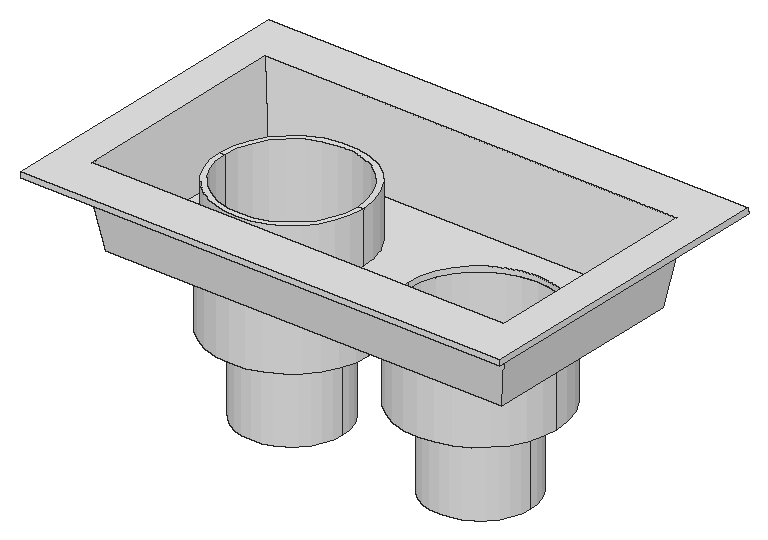
Revit family "Viking Roofspec Sump 08 M17", category Pipe Fittings, host Face, Revit 2021
Family settings
  Host = Face
  Round Connector Dimension = Use Diameter
  Part Type = Cap
  Cut with Voids When Loaded = No
  Shared = No
Parameters (values of type "Sumps IMR400 475x292x70mmd+150mm outlet")
  URL = "www.vikingroofspec.co.nz"
  Type Comments = "Viking Roofspec sump / overflow IMR400, installed as per manufacturers instructions."
  Pipe Diameter = 150 mm
  Overall Height = 220 mm
  Offset Pipe2 = 89.8 mm
  Offset Pipe1 = 86.7 mm
  Model = "IMR400"
  Material = Viking Roofspec - Plastic White
  Manufacturer = "Viking Roofspec"  # constant formula
  Flow Out = 7.6 L/s
  Flange Cut Width = 292 mm
  Flange Cut Length = 450 mm
  Default Elevation = 0 mm
  Component = IMR400 : IMR400
Reference planes
  plane 1 "Center (Front/Back)": y = 0
  plane 2: z = 0
  plane 3 "Center (Left/Right)": x = 0
  plane 4 "Pipe Connector": z = -220
  plane 5: x = -225
  plane 6: x = 225
  plane 7: y = -146
  plane 8: y = 146
Forms (mm)
  Extrusion 1, void
    sketch origin (0, 0, 0) x (1, 0, 0) y (0, 1, 0)
      loop
        circle (0, 0) r 115
    from -4 to 0
  Extrusion 2, void
    sketch origin (0, 0, 0) x (1, 0, 0) y (0, 1, 0)
      loop
        line (-225, 146) -> (-225, -146) -> (225, -146) -> (225, 146) -> (-225, 146)
    from 0 to -5
  Extrusion 3, void
    sketch origin (0, 0, 0) x (1, 0, 0) y (0, 1, 0)
      loop
        line (-200, 121) -> (-200, -121) -> (200, -121) -> (200, 121) -> (-200, 121)
    from 0 to -220
  Extrusion 4, solid, not visible
    sketch origin (0, 0, -220) x (0, -1, 0) y (1, 0, 0)
      loop
        circle (0, -86.7) r 35
    from 0 to 1
  Extrusion 5, solid, not visible
    sketch origin (149.817, 0, -220) x (0, -1, 0) y (1, 0, 0)
      loop
        circle (0, -60.017) r 35
    from 0 to 1
Dimensions and locks
  "Overall Height": host face to plane 4 "Pipe Connector"
  equal spacing: plane 5, plane 3 "Center (Left/Right)", plane 6
  equal spacing: plane 8, plane 1 "Center (Front/Back)", plane 7
  "Flange Cut Length": plane 5 to plane 6
  "Flange Cut Width": plane 8 to plane 7
  locked: plane 8 to Extrusion 3 sketch curve at 25
  locked: Extrusion 3 sketch curve to plane 7 at 25
  locked: plane 5 to Extrusion 3 sketch curve at 25
  locked: Extrusion 3 sketch curve to plane 6 at 25
  "Offset Pipe1": Extrusion 4 sketch curve to nested 1
  "Offset Pipe2": nested 1 to Extrusion 5 sketch curve
  diameter of Extrusion 1 sketch curve = 230 mm
  aligned and locked: plane 2 to host face
  aligned and locked: level to host face
  aligned and locked: Extrusion 2 to plane 5
  aligned and locked: plane 8 to Extrusion 2
  aligned and locked: plane 6 to Extrusion 2
  aligned and locked: Extrusion 2 to plane 7
  aligned and locked: Extrusion 3 to plane 4 "Pipe Connector"
Automatic sketch dimensions
  host sketch curve to host sketch curve = 2438.4 mm  (x2)
  plane 1 "Center (Front/Back)" to Extrusion 1 sketch curve = 0 mm
  Extrusion 1 sketch curve to plane 3 "Center (Left/Right)" = 0 mm
  Extrusion 2 sketch curve to plane 5 = 0 mm
  Extrusion 2 sketch curve to plane 6 = 0 mm
  Extrusion 2 sketch curve to plane 7 = 0 mm
  Extrusion 2 sketch curve to plane 8 = 0 mm
  plane 1 "Center (Front/Back)" to Extrusion 4 sketch curve = 0 mm
  plane 1 "Center (Front/Back)" to Extrusion 5 sketch curve = 0 mm
  radius of Extrusion 4 sketch curve = 35 mm
  radius of Extrusion 5 sketch curve = 35 mm
Nested families
  nested 1: "IMR400" at (0, 0, 0), type <- "Component", Material <- "Material", type "IMR400"
Connectors
  piping at (89.8, 0, -220), diameter 150, driven by "Pipe Diameter", driven by "Flow Out"
    settings: on Extrusion 5, index 4, connector inside diameter 609.6 mm, connector length 0 mm, flow factor 0, pipe flow 7.6 L/s, pressure drop 0.0 Pa, fitting loss kfactor 0, connector angle 0.00°, fixture units 0, engagement length 0 mm, angle of deflection 0.00°, flow configuration 1, flow direction 2, fitting loss method 4, system type 16, joint type 0, gender type 0, connector reference index -1, connector utility 0, adjustable connector no, is connector primary yes, connector description "Sump"
  piping at (-86.7, 0, -220), diameter 150, driven by "Pipe Diameter", driven by "Flow Out"
    settings: on Extrusion 4, index 5, connector inside diameter 609.6 mm, connector length 0 mm, flow factor 0, pipe flow 7.6 L/s, pressure drop 0.0 Pa, fitting loss kfactor 0, connector angle 0.00°, fixture units 0, engagement length 0 mm, angle of deflection 0.00°, flow configuration 1, flow direction 2, fitting loss method 4, system type 16, joint type 0, gender type 0, connector reference index -1, connector utility 0, adjustable connector no, is connector primary no, connector description "Sump Overflow"
Definition of nested family "IMR400"
  Parameters (values of type "IMR400")
    Material [instance] = none
    Default Elevation = 1219.2 mm
  Reference planes
    plane 1 "Center (Front/Back)": y = 0
    plane 2: z = 0
    plane 3 "Center (Left/Right)": x = 0
  Forms (mm)
    Revolve 1, solid, material <- "Material"
      sketch origin (-516.73, 0, 0) x (1, 0, 0) y (0, 0, 1)
        loop
          line (382.502, -144.372) -> (382.502, -220.029) -> (430.002, -220.029) -> (430.002, -75.05) -> (357.504, -75.05) -> (357.504, -144.372) -> (382.502, -144.372)
        axis (430.002, -220.029) -> (430.002, -75.05)
      angle from 0 to 360
    Extrusion 2, solid, material <- "Material"
      sketch origin (0, 0, 0) x (0, 1, 0) y (0, 0, 1)
        loop
          line (-146, 0) -> (-146, -5) -> (-106, -5) -> (-94.473, -75.05) -> (94.473, -75.05) -> (106, -5) -> (146, -5) -> (146, 0) -> (-146, 0)
      from -224.883 to 225.117
    Extrusion 3, void
      sketch origin (0, 0, 0) x (1, 0, 0) y (0, 0, 1)
        loop
          line (-243.545, -5) -> (-243.545, -89.344) -> (-183.503, -89.344) -> (-197.383, -5) -> (-243.545, -5)
      from -198.718 to 250
    Extrusion 4, void
      sketch origin (0, 0, 0) x (-1, 0, 0) y (0, 0, -1)
        loop
          line (-243.545, 5) -> (-197.617, 5) -> (-182.961, 94.063) -> (-243.545, 94.063) -> (-243.545, 5)
      from -198.718 to 250
    Blend 5, void
      base sketch origin (0, 0, 0) x (1, 0, 0) y (0, 1, 0)
        loop
          line (-193.183, 101.8) -> (-193.183, -101.8) -> (193.417, -101.8) -> (193.417, 101.8) -> (-193.183, 101.8)
      top sketch origin (0, 0, 0) x (1, 0, 0) y (0, 1, 0)
        loop
          line (-181.618, 90.235) -> (-181.618, -90.235) -> (181.873, -90.235) -> (181.873, 90.235) -> (-181.618, 90.235)
      from 0 to -70.05
    Extrusion 6, void
      sketch origin (-165.857, 0, 0) x (1, 0, 0) y (0, 1, 0)
        loop
          circle (79.128, 0) r 67.5
      from -70.05 to -139.372
    Revolve 7, solid, material <- "Material"
      sketch origin (-340.158, 0, 0) x (1, 0, 0) y (0, 0, 1)
        loop
          line (382.502, -144.372) -> (382.502, -220.029) -> (430.002, -220.029) -> (430.002, -75.05) -> (357.504, -75.05) -> (357.504, -144.372) -> (382.502, -144.372)
        axis (430.002, -220.029) -> (430.002, -75.05)
      angle from 0 to 360
    Revolve 8, solid, material <- "Material"
      sketch origin (2.339, 0, 0) x (1, 0, 0) y (0, 0, 1)
        loop
          line (-156.567, -22.47) -> (-156.567, -105.878) -> (-151.567, -105.878) -> (-151.567, -22.47) -> (-156.567, -22.47)
        axis (-89.067, -22.47) -> (-89.067, -105.878)
      angle from 0 to 360
    Extrusion 9, void
      sketch origin (10.695, 0, 0) x (1, 0, 0) y (0, 1, 0)
        loop
          circle (79.128, 0) r 67.5
      from -70.05 to -139.372
  Cuts and joins
    Extrusion 6, Extrusion 9 cuts Revolve 1
    Extrusion 3, Extrusion 4, Blend 5, Extrusion 6, Extrusion 9 cuts Extrusion 2
    joined: Revolve 1, Extrusion 2
    Extrusion 9 cuts Revolve 7
  Dimensions and locks
    aligned and locked: level to plane 2
  Nested families
    nested 1: "Viking Roofspec - Sump Detail" at (0, -91.5, 0) x (0, 1, 0) z (1, 0, 0), type "IMR400 475x292x70mm deep"
  Definition of nested family "Viking Roofspec - Sump Detail"
    Parameters (values of type "IMR100 450x300x164mm deep")
      URL = "www.vikingroofspec.co.nz"
      Type Comments = "Viking Roofspec sump IMR100, installed as per manufacturers instructions."
      Model = "IMR100"
      Manufacturer = "Viking Roofspec"  # constant formula
      Component = IMR100 : IMR100
    Types (4, lengths in mm): name | Type Comments | Model | Component
      IMR100 450x300x164mm deep | "Viking Roofspec sump IMR100, installed as per manufacturers instructions." | "IMR100" | IMR100 : IMR100
      IMR120 450x300x200mm deep | "Viking Roofspec sump IMR120, installed as per manufacturers instructions." | "IMR120" | IMR120 : IMR120
      IMR130 580x380x249mm deep | "Viking Roofspec sump IMR130, installed as per manufacturers instructions." | "IMR130" | IMR130 : IMR130
      IMR400 475x292x70mm deep | "Viking Roofspec sump IMR400, installed as per manufacturers instructions." | "IMR400" | IMR400 : IMR400
    Reference planes
      plane 1 "Center (Front/Back)": y = 0
      plane 2: z = 0
      plane 3 "Center (Left/Right)": x = 0
    Nested families
      nested 1: "IMR100" at (0, 0, 0), type <- "Component", type "IMR100", in view "Ref. Level"
      nested 2: "IMR100" at (0, 0, 0), type <- "Component", type "IMR100", in view "Ref. Level"
      nested 3: "IMR100" at (0, 0, 0), type <- "Component", type "IMR100", in view "Ref. Level"
      nested 4: "IMR100" at (0, 0, 0), type <- "Component", type "IMR100", in view "Ref. Level"
    Definition of nested family "IMR100"
      Parameters (values of type "IMR100")
        URL = "www.vikingroofspec.co.nz"
        Type Comments = "Viking Roofspec aluminium termination flashing IMT708 and pressure bar IMT709, installed as per manufacturers instructions."
        Model = "IMT708/709"
        Manufacturer = "Viking Roofspec"  # constant formula
      Reference planes
        plane 1 "Center (Front/Back)": y = 0
        plane 2: z = 0
        plane 3 "Center (Left/Right)": x = 0
      Lines and regions (mm)
        Filled region 1, type "Plastic", in view "Ref. Level"
          outline origin (-880.6, -806.918, 0) x (1, 0, 0) y (0, 1, 0)
            loop
              arc (699.573, 647.729) -> (701.179, 644.486) -> (704.553, 643.177) r 5
              line (704.553, 643.177) -> (762.351, 643.177) -> (762.351, 582.001)
              arc (762.351, 582.001) -> (763.815, 578.465) -> (767.351, 577.001) r 5
              line (767.351, 577.001) -> (774.748, 577.001) -> (774.748, 510.001) -> (779.748, 510.001) -> (779.748, 582.001) -> (767.351, 582.001) -> (767.351, 648.177) -> (704.553, 648.177) -> (690.288, 806.918) -> (655.717, 806.918) -> (655.717, 801.918) -> (685.717, 801.918) -> (699.573, 647.729)
            loop
              line (1105.717, 801.918) -> (1105.717, 806.918) -> (1070.913, 806.918) -> (1064.569, 648.177) -> (1002.107, 648.177) -> (1002.107, 582.001) -> (989.71, 582.001) -> (989.71, 510.001) -> (994.71, 510.001) -> (994.71, 577.001) -> (1002.107, 577.001)
              arc (1002.107, 577.001) -> (1005.642, 578.465) -> (1007.107, 582.001) r 5
              line (1007.107, 582.001) -> (1007.107, 643.177) -> (1064.575, 643.177)
              arc (1064.575, 643.177) -> (1067.949, 644.486) -> (1069.555, 647.729) r 5
              line (1069.555, 647.729) -> (1075.717, 801.918) -> (1105.717, 801.918)
            loop
              line (924.748, 510.001) -> (929.748, 510.001) -> (929.748, 582.001) -> (917.351, 582.001) -> (917.351, 648.177) -> (852.107, 648.177) -> (852.107, 582.001) -> (839.71, 582.001) -> (839.71, 510.001) -> (844.71, 510.001) -> (844.71, 577.001) -> (852.107, 577.001)
              arc (852.107, 577.001) -> (855.642, 578.465) -> (857.107, 582.001) r 5
              line (857.107, 582.001) -> (857.107, 643.177) -> (912.351, 643.177) -> (912.351, 582.001)
              arc (912.351, 582.001) -> (913.815, 578.465) -> (917.351, 577.001) r 5
              line (917.351, 577.001) -> (924.748, 577.001) -> (924.748, 510.001)
        Filled region 2, type "Plastic", in view "Ref. Level"
          outline origin (-880.6, -806.918, 0) x (1, 0, 0) y (0, 1, 0)
            loop
              line (767.351, 621.969) -> (772.351, 621.969) -> (772.351, 775.682) -> (767.351, 775.682) -> (767.351, 621.969)
            loop
              line (852.107, 775.682) -> (847.107, 775.682) -> (847.107, 621.969) -> (852.107, 621.969) -> (852.107, 775.682)
        Masking region 1, in view "Ref. Level"
          outline origin (-880.6, -806.918, 0) x (1, 0, 0) y (0, 1, 0)
            loop
              line (690.288, 806.918) -> (704.553, 648.177) -> (767.351, 648.177) -> (767.351, 582.001) -> (779.748, 582.001) -> (779.748, 510.001) -> (839.71, 510.001) -> (839.71, 582.001) -> (852.107, 582.001) -> (852.107, 648.177) -> (917.351, 648.177) -> (917.351, 582.001) -> (929.748, 582.001) -> (929.748, 510.001) -> (989.71, 510.001) -> (989.71, 582.001) -> (1002.107, 582.001) -> (1002.107, 648.177) -> (1064.569, 648.177) -> (1070.913, 806.918) -> (690.288, 806.918)
        detail lines, in view "Ref. Level"
          curve 1: line (-108.25, -31.235, 0) -> (-33.494, -31.235, 0)
          curve 2: line (-33.494, -184.949, 0) -> (-108.25, -184.949, 0)
          curve 3: line (-100.853, -224.917, 0) -> (-40.971, -224.917, 0)
          curve 4: line (49.147, -224.917, 0) -> (109.109, -224.917, 0)
          curve 5: line (36.751, -158.741, 0) -> (121.506, -158.741, 0)
